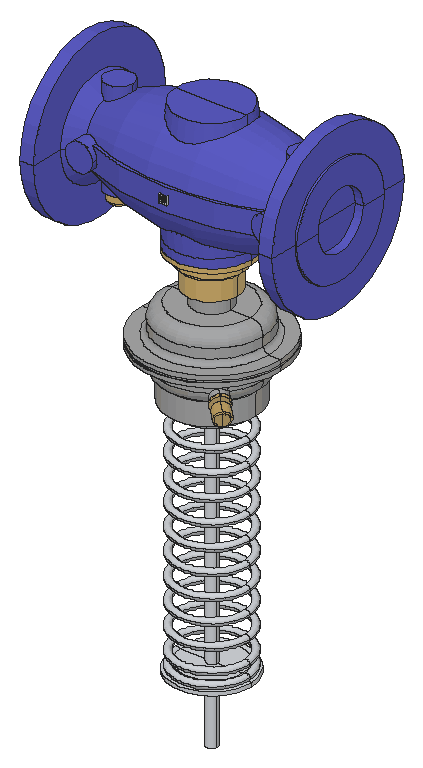
Revit family "Differenzdruckregler F_4007_10-40kPa", category Rohrzubehör, Revit 2020
Family settings
  Bemaßung runder Anschluss = Durchmesser verwenden
  Teiletyp = Unterbricht
  OmniClass-Nummer = 23.65.55.14
  OmniClass-Titel = Valves for Liquid Services
  Arbeitsebenenbasiert = Nein
  Immer vertikal = Ja
  Beim Laden mit Abzugskörper schneiden = Nein
  Gemeinsam genutzt = Nein
Parameters
  Vorgabe-Ansicht = 0 mm
  Min. Betriebstemperatur (Frostschutz) = -10 °C  # constant formula
  Min. Betriebstemperatur = 2 °C  # constant formula
  Max. Betriebsdruck = 1600000.0 Pa  # constant formula
  Max. Betriebstemperatur = 110 °C  # constant formula
  URL = "www.herz-armaturen.at"
  Sollwertfeder = "EN 10270-1-SH"  # constant formula
  SCRNSEQ = "ARM;ARM_TYP=\"DIFR\";2"
  SCRNCODE = "05;03;02"  # constant formula
  S02 [instance] = H03 + H13  # 134 mm
  S01 [instance] = (2 * H02) + (2 * H04) + H05  # 72.7 mm
  R99 = 14 mm  # constant formula
  R98 = 6 mm  # constant formula
  R97 = 2 mm  # constant formula
  R02 = 15.5 mm  # constant formula
  R01 [instance] = size_lookup("4007_F_10-40", "R1", 45.5 mm, Nennweite)  # 55.5 mm
  R00 [instance] = size_lookup("4007_F_10-40", "R", 53 mm, Nennweite)  # 65 mm
  Nennweite [instance] = 65 mm
  Membrane und O-Ringe = "EPDM"  # constant formula
  Medium = "Die Verwendung von Ethylen- und Propylenglykol ist im Mischungsverhältnis 25 - 50 % zulässig. Heizwasserqualität entsprechend ÖNORM H 5195 bzw. VDI-Richtlinie 2035"
  L05 [instance] = L04 - 6.3 mm  # 104.7 mm
  L04 [instance] = size_lookup("4007_F_10-40", "L4", 81 mm, Nennweite)  # 111 mm
  L03 = 10 mm  # constant formula
  L02 [instance] = size_lookup("4007_F_10-40", "L2", 15 mm, Nennweite)  # 15 mm
  L01 = 3 mm  # constant formula
  L00 [instance] = size_lookup("4007_F_10-40", "L", 115 mm, Nennweite)  # 145 mm
  Hersteller = "HERZ Armaturen Ges.m.b.H."  # constant formula
  H19 [instance] = size_lookup("4007_F_10-40", "H19", 9 mm, Nennweite)  # 581 mm
  H18 [instance] = H19 - 75 mm  # 506 mm
  H17 = 6 mm  # constant formula
  H16 = 10 mm  # constant formula
  H15 = 24.5 mm  # constant formula
  H14 = 5 mm  # constant formula
  H13 = 17 mm  # constant formula
  H12 [instance] = R00 + 4 mm  # 69 mm
  H11 [instance] = R00 + 10 mm  # 75 mm
  H10 = 5 mm  # constant formula
  H09 [instance] = size_lookup("4007_F_10-40", "H9", 9 mm, Nennweite)  # 9 mm
  H08 = 21 mm  # constant formula
  H07 [instance] = R00 + 23.4 mm  # 88.4 mm
  H06 [instance] = D12 + 15 mm  # 55.5 mm
  H05 = 2.5 mm  # constant formula
  H04 = 4.6 mm  # constant formula
  H03 [instance] = H08 + H09 + H10 + H11 + H14 + R97  # 117 mm
  H02 [instance] = size_lookup("4007_F_10-40", "H2", 30.5 mm, Nennweite)  # 30.5 mm
  H01 [instance] = size_lookup("4007_F_10-40", "H1", 210 mm, Nennweite)  # 205 mm
  Gehäuse = "Grauguss GJL250 nach EN 1561"  # constant formula
  Differenzdruck Einstellbereich = "10-40 kPa"  # constant formula
  DN80 [instance] = Nennweite = 80 mm  # no
  DN65 [instance] = Nennweite = 65 mm  # yes
  DN100 [instance] = Nennweite = 100 mm  # no
  D17 = 6 mm  # constant formula
  D16 = 45 mm  # constant formula
  D15 = 35 mm  # constant formula
  D14 = 50 mm  # constant formula
  D13 [instance] = D11 + 10 mm  # 50 mm
  D12 [instance] = R01 - 15 mm  # 40.5 mm
  D11 [instance] = size_lookup("4007_F_10-40", "D11", 40 mm, Nennweite)  # 40 mm
  D10 [instance] = D11 + 5 mm  # 45 mm
  D09 [instance] = D11 - 5 mm  # 35 mm
  D08 = 24 mm  # constant formula
  D07 = 29.5 mm  # constant formula
  D06 [instance] = size_lookup("4007_F_10-40", "D6", 51 mm, Nennweite)  # 57.8 mm
  D05 [instance] = D04 - 1 mm  # 77 mm
  D04 [instance] = size_lookup("4007_F_10-40", "D4", 51 mm, Nennweite)  # 78 mm
  D03 = 21 mm  # constant formula
  D02 [instance] = Nennweite / 2  # 32.5 mm
  D01 [instance] = size_lookup("4007_F_10-40", "D1", 51 mm, Nennweite)  # 61 mm
  D00 [instance] = size_lookup("4007_F_10-40", "D", 82.5 mm, Nennweite)  # 92.5 mm
  Bestellnummer [instance] = if(Nennweite = 65 mm, "F400707", if(Nennweite = 80 mm, "F400708", if(Nennweite = 100 mm, "F400709", "0")))  # "F400707"
  Ausführung = "Der Differenzdruckregler ist ein Proportionalregler in Geradsitzausführung und arbeitet ohne Hilfsenergie für Zweirohranlagen. Der gewünschte Differenzdruck- Sollwert kann zwischen 10 und 40 kPa stufenlos eingestellt werden."
  Anwendung = "Für Heizungs- und Kühlanlagen um den Differenzdruck innerhalb des regeltechnischen Bereiches konstant zu halten."
  Anschlussflansch = "EN 1092-2"  # constant formula
Reference planes
  plane 1 "Mitte (Vorne/hinten)": y = 0
  plane 2: z = -0.015
  plane 3 "Mitte (Links/rechts)": x = 0
Forms (mm)
  Revolve 1, solid, material "Herz-Marineblau", detail levels fine
    sketch origin (1065, 0, 0) x (1, 0, 0) y (0, 1, 0)
      loop
        line (-1207, 92.5) -> (-1207, 61) -> (-1210, 61) -> (-1210, 32.5) -> (-1200, 32.5) -> (-1200, 0) -> (-930, 0) -> (-930, 32.5) -> (-920, 32.5) -> (-920, 61) -> (-923, 61) -> (-923, 92.5) -> (-938, 92.5) -> (-938, 55.5) -> (-954, 40.5)
        arc (-954, 40.5) -> (-1065, 65) -> (-1176, 40.5) r 263.699
        line (-1176, 40.5) -> (-1192, 55.5) -> (-1192, 92.5) -> (-1207, 92.5)
      axis (-1210, 0) -> (-920, 0)
    angle from 0 to 360
  Extrusion 2, solid, material "Herz-Marineblau", detail levels fine
    sketch origin (0, 0, 0) x (1, 0, 0) y (0, 1, 0)
      loop
        circle (-104.7, 0) r 15.5
      loop
        circle (104.7, 0) r 15.5
    from -55.515 to 55.485
  Extrusion 3, solid, material "Herz-Marineblau", detail levels fine
    sketch origin (0, 0, 0) x (-1, 0, 0) y (0, 0, -1)
      loop
        circle (104.7, 0) r 15.5
      loop
        circle (-104.7, 0) r 15.5
    from -55.5 to 55.5
  Revolve 4, solid, material "Herz-Marineblau", detail levels fine
    sketch origin (92.737, 0, -45.97) x (1, 0, 0) y (0, 0, 1)
      loop
        line (-92.737, 114.955) -> (-92.737, -29.045) -> (-47.737, -29.045) -> (-47.737, -19.045) -> (-42.737, 45.97) -> (-52.737, 114.955) -> (-92.737, 114.955)
      axis (-92.737, 114.955) -> (-92.737, -29.045)
    angle from 0 to 360
  Revolve 5, solid, material "Messing", detail levels fine
    sketch origin (446.725, 0, 35.707) x (1, 0, 0) y (0, 0, 1)
      loop
        line (-446.725, -110.722) -> (-446.725, -152.722) -> (-417.225, -152.722) -> (-417.225, -131.722) -> (-422.725, -131.722) -> (-422.725, -126.722) -> (-411.725, -126.722) -> (-411.725, -117.722)
        arc (-411.725, -117.722) -> (-411.14, -116.308) -> (-409.725, -115.722) r 2
        line (-409.725, -115.722) -> (-401.725, -115.722) -> (-401.725, -110.722) -> (-446.725, -110.722)
      axis (-446.725, -152.722) -> (-446.725, -110.722)
    angle from 0 to 360
  Revolve 6, solid, material "Aluminium", detail levels fine
    sketch origin (925.114, 0, 19.41) x (1, 0, 0) y (0, 0, 1)
      loop
        line (-925.114, -136.425) -> (-925.114, -250.625) -> (-875.114, -250.625) -> (-875.114, -226.125) -> (-881.314, -226.125)
        arc (-881.314, -226.125) -> (-871.414, -222.025) -> (-867.314, -212.125) r 14
        line (-867.314, -212.125) -> (-867.314, -201.625)
        arc (-867.314, -201.625) -> (-865.556, -197.383) -> (-861.314, -195.625) r 6
        line (-861.314, -195.625) -> (-847.114, -195.625) -> (-847.114, -191.025) -> (-848.114, -191.025) -> (-848.114, -188.525) -> (-847.114, -188.525) -> (-847.114, -183.925) -> (-861.314, -183.925)
        arc (-861.314, -183.925) -> (-865.556, -182.168) -> (-867.314, -177.925) r 6
        line (-867.314, -177.925) -> (-867.314, -167.425)
        arc (-867.314, -167.425) -> (-871.414, -157.526) -> (-881.314, -153.425) r 14
        line (-881.314, -153.425) -> (-904.114, -153.425) -> (-904.114, -136.425) -> (-925.114, -136.425)
      axis (-925.114, -136.425) -> (-925.114, -250.625)
    angle from 0 to 360
  Extrusion 7, solid, material "Herz-Marineblau", visible <- "DN65", detail levels fine
    sketch origin (0, 0, 0) x (1, 0, 0) y (0, 1, 0)
      loop
        arc (-104.7, -46.589) -> (0, -68) -> (104.7, -46.589) r 266.699
        line (104.7, -46.589) -> (104.7, 46.589)
        arc (104.7, 46.589) -> (0, 68) -> (-104.7, 46.589) r 266.699
        line (-104.7, 46.589) -> (-104.7, -46.589)
    from -12.5 to 12.5
  Extrusion 8, solid, material "Herz-Marineblau", visible <- "DN80", detail levels fine
    sketch origin (0, 0, 0) x (1, 0, 0) y (0, 1, 0)
      loop
        arc (-114.7, -54.973) -> (0, -74) -> (114.7, -54.973) r 355.238
        line (114.7, -54.973) -> (114.7, 54.973)
        arc (114.7, 54.973) -> (0, 74) -> (-114.7, 54.973) r 355.238
        line (-114.7, 54.973) -> (-114.7, -54.973)
    from -12.5 to 12.5
  Extrusion 9, solid, material "Herz-Marineblau", visible <- "DN100", detail levels fine
    sketch origin (0, 0, 0) x (1, 0, 0) y (0, 1, 0)
      loop
        arc (-134.7, -65.632) -> (0, -85) -> (134.7, -65.632) r 478.099
        line (134.7, -65.632) -> (134.7, 65.632)
        arc (134.7, 65.632) -> (0, 85) -> (-134.7, 65.632) r 478.099
        line (-134.7, 65.632) -> (-134.7, -65.632)
    from -12.5 to 12.5
  Revolve 10, solid, detail levels fine
    sketch origin (0, 0, 0) x (1, 0, 0) y (0, 0, 1)
      loop
        line (0, -506.015) -> (45, -506.015) -> (45, -502.015) -> (35, -502.015) -> (35, -496.015) -> (0, -496.015) -> (0, -506.015)
      axis (0, -496.015) -> (0, -506.015)
    angle from 0 to 360
  Revolve 11, solid, detail levels fine
    sketch origin (0, 0, 0) x (1, 0, 0) y (0, 0, 1)
      loop
        line (0, -219.215) -> (0, -581.015) -> (6, -581.015) -> (6, -219.215) -> (0, -219.215)
      axis (0, -219.215) -> (0, -581.015)
    angle from 0 to 360
  Sweep 12, solid, visible <- "DN65", detail levels fine
    path in 3D
      loop
        arc (-39, 0, -234.715) -> (0, -39, -234.715) -> (39, 0, -234.715) r 39
        arc (39, 0, -234.715) -> (0, 39, -234.715) -> (-39, 0, -234.715) r 39
    profile origin (0, 39, -234.715) x (0, -1, 0) y (0, 0, 1)
      loop
        circle (0, 0) r 3.5
  Sweep 13, solid, visible <- "DN65", detail levels fine
    path in 3D
      loop
        arc (-39, 0, -259.715) -> (0, -39, -259.715) -> (39, 0, -259.715) r 39
        arc (39, 0, -259.715) -> (0, 39, -259.715) -> (-39, 0, -259.715) r 39
    profile origin (0, 39, -259.715) x (0, -1, 0) y (0, 0, 1)
      loop
        circle (0, 0) r 3.5
  Sweep 14, solid, visible <- "DN65", detail levels fine
    path in 3D
      loop
        arc (-39, 0, -284.715) -> (0, -39, -284.715) -> (39, 0, -284.715) r 39
        arc (39, 0, -284.715) -> (0, 39, -284.715) -> (-39, 0, -284.715) r 39
    profile origin (0, 39, -284.715) x (0, -1, 0) y (0, 0, 1)
      loop
        circle (0, 0) r 3.5
  Sweep 15, solid, visible <- "DN65", detail levels fine
    path in 3D
      loop
        arc (-39, 0, -309.715) -> (0, -39, -309.715) -> (39, 0, -309.715) r 39
        arc (39, 0, -309.715) -> (0, 39, -309.715) -> (-39, 0, -309.715) r 39
    profile origin (0, 39, -309.715) x (0, -1, 0) y (0, 0, 1)
      loop
        circle (0, 0) r 3.5
  Sweep 16, solid, visible <- "DN65", detail levels fine
    path in 3D
      loop
        arc (-39, 0, -334.715) -> (0, -39, -334.715) -> (39, 0, -334.715) r 39
        arc (39, 0, -334.715) -> (0, 39, -334.715) -> (-39, 0, -334.715) r 39
    profile origin (0, 39, -334.715) x (0, -1, 0) y (0, 0, 1)
      loop
        circle (0, 0) r 3.5
  Sweep 17, solid, visible <- "DN65", detail levels fine
    path in 3D
      loop
        arc (-39, 0, -359.715) -> (0, -39, -359.715) -> (39, 0, -359.715) r 39
        arc (39, 0, -359.715) -> (0, 39, -359.715) -> (-39, 0, -359.715) r 39
    profile origin (0, 39, -359.715) x (0, -1, 0) y (0, 0, 1)
      loop
        circle (0, 0) r 3.5
  Sweep 18, solid, visible <- "DN65", detail levels fine
    path in 3D
      loop
        arc (-39, 0, -384.715) -> (0, -39, -384.715) -> (39, 0, -384.715) r 39
        arc (39, 0, -384.715) -> (0, 39, -384.715) -> (-39, 0, -384.715) r 39
    profile origin (0, 39, -384.715) x (0, -1, 0) y (0, 0, 1)
      loop
        circle (0, 0) r 3.5
  Sweep 19, solid, visible <- "DN65", detail levels fine
    path in 3D
      loop
        arc (-39, 0, -409.715) -> (0, -39, -409.715) -> (39, 0, -409.715) r 39
        arc (39, 0, -409.715) -> (0, 39, -409.715) -> (-39, 0, -409.715) r 39
    profile origin (0, 39, -409.715) x (0, -1, 0) y (0, 0, 1)
      loop
        circle (0, 0) r 3.5
  Sweep 20, solid, visible <- "DN65", detail levels fine
    path in 3D
      loop
        arc (-39, 0, -434.715) -> (0, -39, -434.715) -> (39, 0, -434.715) r 39
        arc (39, 0, -434.715) -> (0, 39, -434.715) -> (-39, 0, -434.715) r 39
    profile origin (0, 39, -434.715) x (0, -1, 0) y (0, 0, 1)
      loop
        circle (0, 0) r 3.5
  Sweep 21, solid, visible <- "DN65", detail levels fine
    path in 3D
      loop
        arc (-39, 0, -459.715) -> (0, -39, -459.715) -> (39, 0, -459.715) r 39
        arc (39, 0, -459.715) -> (0, 39, -459.715) -> (-39, 0, -459.715) r 39
    profile origin (0, 39, -459.715) x (0, -1, 0) y (0, 0, 1)
      loop
        circle (0, 0) r 3.5
  Sweep 22, solid, visible <- "DN65", detail levels fine
    path in 3D
      loop
        arc (-39, 0, -484.715) -> (0, -39, -484.715) -> (39, 0, -484.715) r 39
        arc (39, 0, -484.715) -> (0, 39, -484.715) -> (-39, 0, -484.715) r 39
    profile origin (0, 39, -484.715) x (0, -1, 0) y (0, 0, 1)
      loop
        circle (0, 0) r 3.5
  Sweep 23, solid, visible <- "DN65", detail levels fine
    path in 3D
      loop
        arc (-39, 0, -498.715) -> (0, -39, -498.715) -> (39, 0, -498.715) r 39
        arc (39, 0, -498.715) -> (0, 39, -498.715) -> (-39, 0, -498.715) r 39
    profile origin (0, 39, -498.715) x (0, -1, 0) y (0, 0, 1)
      loop
        circle (0, 0) r 3.5
  Sweep 24, solid, visible <- "DN80", detail levels fine
    path in 3D
      loop
        arc (-39, 0, -241.715) -> (0, -39, -241.715) -> (39, 0, -241.715) r 39
        arc (39, 0, -241.715) -> (0, 39, -241.715) -> (-39, 0, -241.715) r 39
    profile origin (0, 39, -241.715) x (0, -1, 0) y (0, 0, 1)
      loop
        circle (0, 0) r 3.5
  Sweep 25, solid, visible <- "DN80", detail levels fine
    path in 3D
      loop
        arc (-39, 0, -266.715) -> (0, -39, -266.715) -> (39, 0, -266.715) r 39
        arc (39, 0, -266.715) -> (0, 39, -266.715) -> (-39, 0, -266.715) r 39
    profile origin (0, 39, -266.715) x (0, -1, 0) y (0, 0, 1)
      loop
        circle (0, 0) r 3.5
  Sweep 26, solid, visible <- "DN80", detail levels fine
    path in 3D
      loop
        arc (-39, 0, -291.715) -> (0, -39, -291.715) -> (39, 0, -291.715) r 39
        arc (39, 0, -291.715) -> (0, 39, -291.715) -> (-39, 0, -291.715) r 39
    profile origin (0, 39, -291.715) x (0, -1, 0) y (0, 0, 1)
      loop
        circle (0, 0) r 3.5
  Sweep 27, solid, visible <- "DN80", detail levels fine
    path in 3D
      loop
        arc (-39, 0, -316.715) -> (0, -39, -316.715) -> (39, 0, -316.715) r 39
        arc (39, 0, -316.715) -> (0, 39, -316.715) -> (-39, 0, -316.715) r 39
    profile origin (0, 39, -316.715) x (0, -1, 0) y (0, 0, 1)
      loop
        circle (0, 0) r 3.5
  Sweep 28, solid, visible <- "DN80", detail levels fine
    path in 3D
      loop
        arc (-39, 0, -341.715) -> (0, -39, -341.715) -> (39, 0, -341.715) r 39
        arc (39, 0, -341.715) -> (0, 39, -341.715) -> (-39, 0, -341.715) r 39
    profile origin (0, 39, -341.715) x (0, -1, 0) y (0, 0, 1)
      loop
        circle (0, 0) r 3.5
  Sweep 29, solid, visible <- "DN80", detail levels fine
    path in 3D
      loop
        arc (-39, 0, -366.715) -> (0, -39, -366.715) -> (39, 0, -366.715) r 39
        arc (39, 0, -366.715) -> (0, 39, -366.715) -> (-39, 0, -366.715) r 39
    profile origin (0, 39, -366.715) x (0, -1, 0) y (0, 0, 1)
      loop
        circle (0, 0) r 3.5
  Sweep 30, solid, visible <- "DN80", detail levels fine
    path in 3D
      loop
        arc (-39, 0, -391.715) -> (0, -39, -391.715) -> (39, 0, -391.715) r 39
        arc (39, 0, -391.715) -> (0, 39, -391.715) -> (-39, 0, -391.715) r 39
    profile origin (0, 39, -391.715) x (0, -1, 0) y (0, 0, 1)
      loop
        circle (0, 0) r 3.5
  Sweep 31, solid, visible <- "DN80", detail levels fine
    path in 3D
      loop
        arc (-39, 0, -416.715) -> (0, -39, -416.715) -> (39, 0, -416.715) r 39
        arc (39, 0, -416.715) -> (0, 39, -416.715) -> (-39, 0, -416.715) r 39
    profile origin (0, 39, -416.715) x (0, -1, 0) y (0, 0, 1)
      loop
        circle (0, 0) r 3.5
  Sweep 32, solid, visible <- "DN80", detail levels fine
    path in 3D
      loop
        arc (-39, 0, -441.715) -> (0, -39, -441.715) -> (39, 0, -441.715) r 39
        arc (39, 0, -441.715) -> (0, 39, -441.715) -> (-39, 0, -441.715) r 39
    profile origin (0, 39, -441.715) x (0, -1, 0) y (0, 0, 1)
      loop
        circle (0, 0) r 3.5
  Sweep 33, solid, visible <- "DN80", detail levels fine
    path in 3D
      loop
        arc (-39, 0, -466.715) -> (0, -39, -466.715) -> (39, 0, -466.715) r 39
        arc (39, 0, -466.715) -> (0, 39, -466.715) -> (-39, 0, -466.715) r 39
    profile origin (0, 39, -466.715) x (0, -1, 0) y (0, 0, 1)
      loop
        circle (0, 0) r 3.5
  Sweep 34, solid, visible <- "DN80", detail levels fine
    path in 3D
      loop
        arc (-39, 0, -491.715) -> (0, -39, -491.715) -> (39, 0, -491.715) r 39
        arc (39, 0, -491.715) -> (0, 39, -491.715) -> (-39, 0, -491.715) r 39
    profile origin (0, 39, -491.715) x (0, -1, 0) y (0, 0, 1)
      loop
        circle (0, 0) r 3.5
  Sweep 35, solid, visible <- "DN80", detail levels coarse+medium
    path in 3D
      loop
        arc (-39, 0, -520.215) -> (0, -39, -520.215) -> (39, 0, -520.215) r 39
        arc (39, 0, -520.215) -> (0, 39, -520.215) -> (-39, 0, -520.215) r 39
    profile origin (0, 39, -520.215) x (0, -1, 0) y (0, 0, 1)
      loop
        circle (0, 0) r 3.5
  Sweep 36, solid, visible <- "DN100", detail levels fine
    path in 3D
      loop
        arc (-39, 0, -251.715) -> (0, -39, -251.715) -> (39, 0, -251.715) r 39
        arc (39, 0, -251.715) -> (0, 39, -251.715) -> (-39, 0, -251.715) r 39
    profile origin (0, 39, -251.715) x (0, -1, 0) y (0, 0, 1)
      loop
        circle (0, 0) r 3.5
  Sweep 37, solid, visible <- "DN100", detail levels fine
    path in 3D
      loop
        arc (-39, 0, -276.715) -> (0, -39, -276.715) -> (39, 0, -276.715) r 39
        arc (39, 0, -276.715) -> (0, 39, -276.715) -> (-39, 0, -276.715) r 39
    profile origin (0, 39, -276.715) x (0, -1, 0) y (0, 0, 1)
      loop
        circle (0, 0) r 3.5
  Sweep 38, solid, visible <- "DN100", detail levels fine
    path in 3D
      loop
        arc (-39, 0, -301.715) -> (0, -39, -301.715) -> (39, 0, -301.715) r 39
        arc (39, 0, -301.715) -> (0, 39, -301.715) -> (-39, 0, -301.715) r 39
    profile origin (0, 39, -301.715) x (0, -1, 0) y (0, 0, 1)
      loop
        circle (0, 0) r 3.5
  Sweep 39, solid, visible <- "DN100", detail levels fine
    path in 3D
      loop
        arc (-39, 0, -326.715) -> (0, -39, -326.715) -> (39, 0, -326.715) r 39
        arc (39, 0, -326.715) -> (0, 39, -326.715) -> (-39, 0, -326.715) r 39
    profile origin (0, 39, -326.715) x (0, -1, 0) y (0, 0, 1)
      loop
        circle (0, 0) r 3.5
  Sweep 40, solid, visible <- "DN100", detail levels fine
    path in 3D
      loop
        arc (-39, 0, -351.715) -> (0, -39, -351.715) -> (39, 0, -351.715) r 39
        arc (39, 0, -351.715) -> (0, 39, -351.715) -> (-39, 0, -351.715) r 39
    profile origin (0, 39, -351.715) x (0, -1, 0) y (0, 0, 1)
      loop
        circle (0, 0) r 3.5
  Sweep 41, solid, visible <- "DN100", detail levels fine
    path in 3D
      loop
        arc (-39, 0, -376.715) -> (0, -39, -376.715) -> (39, 0, -376.715) r 39
        arc (39, 0, -376.715) -> (0, 39, -376.715) -> (-39, 0, -376.715) r 39
    profile origin (0, 39, -376.715) x (0, -1, 0) y (0, 0, 1)
      loop
        circle (0, 0) r 3.5
  Sweep 42, solid, visible <- "DN100", detail levels fine
    path in 3D
      loop
        arc (-39, 0, -401.715) -> (0, -39, -401.715) -> (39, 0, -401.715) r 39
        arc (39, 0, -401.715) -> (0, 39, -401.715) -> (-39, 0, -401.715) r 39
    profile origin (0, 39, -401.715) x (0, -1, 0) y (0, 0, 1)
      loop
        circle (0, 0) r 3.5
  Sweep 43, solid, visible <- "DN100", detail levels fine
    path in 3D
      loop
        arc (-39, 0, -426.715) -> (0, -39, -426.715) -> (39, 0, -426.715) r 39
        arc (39, 0, -426.715) -> (0, 39, -426.715) -> (-39, 0, -426.715) r 39
    profile origin (0, 39, -426.715) x (0, -1, 0) y (0, 0, 1)
      loop
        circle (0, 0) r 3.5
  Sweep 44, solid, visible <- "DN100", detail levels fine
    path in 3D
      loop
        arc (-39, 0, -451.715) -> (0, -39, -451.715) -> (39, 0, -451.715) r 39
        arc (39, 0, -451.715) -> (0, 39, -451.715) -> (-39, 0, -451.715) r 39
    profile origin (0, 39, -451.715) x (0, -1, 0) y (0, 0, 1)
      loop
        circle (0, 0) r 3.5
  Sweep 45, solid, visible <- "DN100", detail levels fine
    path in 3D
      loop
        arc (-39, 0, -476.715) -> (0, -39, -476.715) -> (39, 0, -476.715) r 39
        arc (39, 0, -476.715) -> (0, 39, -476.715) -> (-39, 0, -476.715) r 39
    profile origin (0, 39, -476.715) x (0, -1, 0) y (0, 0, 1)
      loop
        circle (0, 0) r 3.5
  Sweep 46, solid, visible <- "DN100", detail levels fine
    path in 3D
      loop
        arc (-39, 0, -501.715) -> (0, -39, -501.715) -> (39, 0, -501.715) r 39
        arc (39, 0, -501.715) -> (0, 39, -501.715) -> (-39, 0, -501.715) r 39
    profile origin (0, 39, -501.715) x (0, -1, 0) y (0, 0, 1)
      loop
        circle (0, 0) r 3.5
  Sweep 47, solid, visible <- "DN100", detail levels fine
    path in 3D
      loop
        arc (-39, 0, -520.215) -> (0, -39, -520.215) -> (39, 0, -520.215) r 39
        arc (39, 0, -520.215) -> (0, 39, -520.215) -> (-39, 0, -520.215) r 39
    profile origin (0, 39, -520.215) x (0, -1, 0) y (0, 0, 1)
      loop
        circle (0, 0) r 3.5
  Sweep 48, solid, visible <- "DN80", detail levels fine
    path in 3D
      loop
        arc (-39, 0, -517.715) -> (0, -39, -517.715) -> (39, 0, -517.715) r 39
        arc (39, 0, -517.715) -> (0, 39, -517.715) -> (-39, 0, -517.715) r 39
    profile origin (0, 39, -517.715) x (0, -1, 0) y (0, 0, 1)
      loop
        circle (0, 0) r 3.5
  Revolve 49, solid, material "Messing, weicher Gelbton, geschweißt", visible <- "DN65", detail levels fine
    sketch origin (-4.911, 4.911, 5.574) x (0.707107, -0.707107, 0) y (0, 0, 1)
      loop
        line (70.524, -205.006) -> (94, -209.996) -> (95.511, -202.887) -> (94.817, -201.293) -> (81.133, -198.384) -> (80.534, -201.204) -> (75.643, -200.164) -> (76.516, -196.056) -> (72.604, -195.224) -> (70.524, -205.006)
      axis (94, -209.996) -> (70.524, -205.006)
    angle from 0 to 360
  Revolve 50, solid, material "Aluminium", visible <- "DN65", detail levels fine
    sketch origin (31.152, -31.152, -5.266) x (0.707107, -0.707107, 0) y (0, 0, 1)
      loop
        line (19.524, -194.165) -> (21.5, -184.873) -> (-42.08, -171.359) -> (-44.055, -180.651) -> (19.524, -194.165)
      axis (-44.055, -180.651) -> (19.524, -194.165)
    angle from 0 to 360
  Revolve 51, solid, material "Messing, weicher Gelbton, geschweißt", visible <- "DN80", detail levels fine
    sketch origin (4.911, 4.911, -1.426) x (-0.707107, -0.707107, 0) y (0, 0, -1)
      loop
        line (70.524, 205.006) -> (72.604, 195.224) -> (76.516, 196.056) -> (75.643, 200.164) -> (80.534, 201.204) -> (81.133, 198.384) -> (94.817, 201.293) -> (95.511, 202.887) -> (94, 209.996) -> (70.524, 205.006)
      axis (94, 209.996) -> (70.524, 205.006)
    angle from 0 to 360
  Revolve 52, solid, material "Aluminium", visible <- "DN80", detail levels fine
    sketch origin (-31.152, -31.152, -12.266) x (-0.707107, -0.707107, 0) y (0, 0, -1)
      loop
        line (19.524, 194.165) -> (-44.055, 180.651) -> (-42.08, 171.359) -> (21.5, 184.873) -> (19.524, 194.165)
      axis (-44.055, 180.651) -> (19.524, 194.165)
    angle from 0 to 360
  Revolve 53, solid, material "Messing, weicher Gelbton, geschweißt", visible <- "DN100", detail levels fine
    sketch origin (4.911, 4.911, -11.426) x (-0.707107, -0.707107, 0) y (0, 0, -1)
      loop
        line (70.524, 205.006) -> (72.604, 195.224) -> (76.516, 196.056) -> (75.643, 200.164) -> (80.534, 201.204) -> (81.133, 198.384) -> (94.817, 201.293) -> (95.511, 202.887) -> (94, 209.996) -> (70.524, 205.006)
      axis (94, 209.996) -> (70.524, 205.006)
    angle from 0 to 360
  Revolve 54, solid, material "Aluminium", visible <- "DN100", detail levels fine
    sketch origin (-31.152, -31.152, -22.266) x (-0.707107, -0.707107, 0) y (0, 0, -1)
      loop
        line (19.524, 194.165) -> (-44.055, 180.651) -> (-42.08, 171.359) -> (21.5, 184.873) -> (19.524, 194.165)
      axis (-44.055, 180.651) -> (19.524, 194.165)
    angle from 0 to 360
  Revolve 55, solid, material "Messing, weicher Gelbton, geschweißt", detail levels fine
    sketch origin (0, 0, 0) x (1, 0, 0) y (0, 0, 1)
      loop
        line (-104.7, -55.515) -> (-116.7, -55.515) -> (-116.7, -64.515) -> (-113.7, -64.515) -> (-113.7, -68.015) -> (-104.7, -68.015) -> (-104.7, -55.515)
      axis (-104.7, -68.015) -> (-104.7, -55.515)
    angle from 0 to 360
  Revolve 56, solid, material "Messing, weicher Gelbton, geschweißt", detail levels fine
    sketch origin (0, 0, 0) x (-1, 0, 0) y (0, 0, 1)
      loop
        line (-104.7, -55.515) -> (-116.7, -55.515) -> (-116.7, -64.515) -> (-113.7, -64.515) -> (-113.7, -68.015) -> (-104.7, -68.015) -> (-104.7, -55.515)
      axis (-104.7, -68.015) -> (-104.7, -55.515)
    angle from 0 to 360
Lines and regions (mm)
  model lines, detail levels coarse+medium
    curve 1: line (-145, 0, -92.515) -> (-145, 0, 92.485)
    curve 2: line (-145, 0, 92.485) -> (145, 0, -92.515)
    curve 3: line (145, 0, -92.515) -> (145, 0, 92.485)
    curve 4: line (145, 0, 92.485) -> (-145, 0, -92.515)
    curve 5: line (-72.5, 0, -46.265) -> (0, 0, -92.515)
    curve 6: line (0, 0, -92.515) -> (72.5, 0, -46.265)
    curve 7: spline (-78, 0, -170.365) -> (-75.342, 0, -160.957) -> (-67.55, 0, -152.19) -> (-55.154, 0, -144.662) -> (-39, 0, -138.885) -> (-20.188, 0, -135.254) -> (0, 0, -134.015) -> (20.188, 0, -135.254) -> (39, 0, -138.885) -> (55.154, 0, -144.662) -> (67.55, 0, -152.19) -> (75.342, 0, -160.957) -> (78, 0, -170.365) -> (75.342, 0, -179.773) -> (67.55, 0, -188.54) -> (55.154, 0, -196.069) -> (39, 0, -201.845) -> (20.188, 0, -205.477) -> (0, 0, -206.715) -> (-20.188, 0, -205.477) -> (-39, 0, -201.845) -> (-55.154, 0, -196.069) -> (-67.55, 0, -188.54) -> (-75.342, 0, -179.773) -> (-78, 0, -170.365)
    curve 8: line (0, 0, -92.515) -> (0, 0, -134.015)
    curve 9: line (-145, 92.5, 0) -> (-145, -92.5, 0)
    curve 10: line (-145, -92.5, 0) -> (145, 92.5, 0)
    curve 11: line (145, 92.5, 0) -> (145, -92.5, 0)
    curve 12: line (145, -92.5, 0) -> (-145, 92.5, 0)
    curve 13: line (-72.5, -46.25, 0) -> (0, -92.5, 0)
    curve 14: line (0, -92.5, 0) -> (72.5, -46.25, 0)
    curve 15: line (0, -92.5, 0) -> (0, -134, 0)
    curve 16: spline (-78, -170.35, 0) -> (-75.342, -160.942, 0) -> (-67.55, -152.175, 0) -> (-55.154, -144.647, 0) -> (-39, -138.87, 0) -> (-20.188, -135.239, 0) -> (0, -134, 0) -> (20.188, -135.239, 0) -> (39, -138.87, 0) -> (55.154, -144.647, 0) -> (67.55, -152.175, 0) -> (75.342, -160.942, 0) -> (78, -170.35, 0) -> (75.342, -179.758, 0) -> (67.55, -188.525, 0) -> (55.154, -196.053, 0) -> (39, -201.83, 0) -> (20.188, -205.461, 0) -> (0, -206.7, 0) -> (-20.188, -205.461, 0) -> (-39, -201.83, 0) -> (-55.154, -196.053, 0) -> (-67.55, -188.525, 0) -> (-75.342, -179.758, 0) -> (-78, -170.35, 0)
  sketch lines
    curve 17: circle (0, 0, -234.715) r 39 normal (0, 0, 1)
    curve 18: circle (0, 0, -259.715) r 39 normal (0, 0, 1)
    curve 19: circle (0, 0, -284.715) r 39 normal (0, 0, 1)
    curve 20: circle (0, 0, -309.715) r 39 normal (0, 0, 1)
    curve 21: circle (0, 0, -334.715) r 39 normal (0, 0, 1)
    curve 22: circle (0, 0, -359.715) r 39 normal (0, 0, 1)
    curve 23: circle (0, 0, -384.715) r 39 normal (0, 0, 1)
    curve 24: circle (0, 0, -409.715) r 39 normal (0, 0, 1)
    curve 25: circle (0, 0, -434.715) r 39 normal (0, 0, 1)
    curve 26: circle (0, 0, -459.715) r 39 normal (0, 0, 1)
    curve 27: circle (0, 0, -484.715) r 39 normal (0, 0, 1)
    curve 29: circle (0, 0, -498.715) r 39 normal (0, 0, 1)
    curve 30: circle (0, 0, -241.715) r 39 normal (0, 0, 1)
    curve 31: circle (0, 0, -266.715) r 39 normal (0, 0, 1)
    curve 32: circle (0, 0, -291.715) r 39 normal (0, 0, 1)
    curve 33: circle (0, 0, -316.715) r 39 normal (0, 0, 1)
    curve 34: circle (0, 0, -341.715) r 39 normal (0, 0, 1)
    curve 35: circle (0, 0, -366.715) r 39 normal (0, 0, 1)
    curve 36: circle (0, 0, -391.715) r 39 normal (0, 0, 1)
    curve 37: circle (0, 0, -416.715) r 39 normal (0, 0, 1)
    curve 38: circle (0, 0, -441.715) r 39 normal (0, 0, 1)
    curve 39: circle (0, 0, -466.715) r 39 normal (0, 0, 1)
    curve 40: circle (0, 0, -491.715) r 39 normal (0, 0, 1)
    curve 41: circle (0, 0, -520.215) r 39 normal (0, 0, 1)
    curve 43: circle (0, 0, -251.715) r 39 normal (0, 0, 1)
    curve 44: circle (0, 0, -276.715) r 39 normal (0, 0, 1)
    curve 45: circle (0, 0, -301.715) r 39 normal (0, 0, 1)
    curve 46: circle (0, 0, -326.715) r 39 normal (0, 0, 1)
    curve 47: circle (0, 0, -351.715) r 39 normal (0, 0, 1)
    curve 48: circle (0, 0, -376.715) r 39 normal (0, 0, 1)
    curve 49: circle (0, 0, -401.715) r 39 normal (0, 0, 1)
    curve 50: circle (0, 0, -426.715) r 39 normal (0, 0, 1)
    curve 51: circle (0, 0, -451.715) r 39 normal (0, 0, 1)
    curve 52: circle (0, 0, -476.715) r 39 normal (0, 0, 1)
    curve 53: circle (0, 0, -501.715) r 39 normal (0, 0, 1)
    curve 54: circle (0, 0, -520.215) r 39 normal (0, 0, 1)
    curve 56: circle (0, 0, -517.715) r 39 normal (0, 0, 1)
  model lines, visible <- "DN65", detail levels coarse+medium
    curve 28: line (-39, 0, -231.215) -> (39, 0, -231.215)
  model lines, visible <- "DN80", detail levels fine
    curve 42: line (-39, 0, -238.215) -> (39, 0, -238.215)
  model lines, visible <- "DN100", detail levels fine
    curve 55: line (-39, 0, -248.215) -> (39, 0, -248.215)
Dimensions and locks
  "H06": Extrusion 3 to plane 1 "Mitte (Vorne/hinten)" to Extrusion 3  (x2)
  "L02": Revolve 1 sketch curve to Revolve 1 sketch curve  (x2)
  "L01": Revolve 1 sketch curve to Revolve 1 sketch curve  (x2)
  "L00": Revolve 1 sketch curve to plane 3 "Mitte (Links/rechts)" to Revolve 1 sketch curve
  "L03": Revolve 1 sketch curve to Revolve 1 sketch curve  (x2)
  "D02": plane 1 "Mitte (Vorne/hinten)" to Revolve 1 sketch curve  (x2)
  "L04": plane 3 "Mitte (Links/rechts)" to Revolve 1 sketch curve
  "R01": plane 1 "Mitte (Vorne/hinten)" to Revolve 1 sketch curve
  "D01": plane 1 "Mitte (Vorne/hinten)" to Revolve 1 sketch curve  (x2)
  "D00": plane 1 "Mitte (Vorne/hinten)" to Revolve 1 sketch curve  (x2)
  "H06": Extrusion 2 to plane 2 to Extrusion 2  (x2)
  "L04": Revolve 1 sketch curve to plane 3 "Mitte (Links/rechts)"
  "R00": Revolve 1 sketch curve to Revolve 1 sketch curve
  "R01": Revolve 1 sketch curve to Revolve 1 sketch curve
  "D05": Revolve 6 sketch curve to Revolve 6 sketch curve
  "D04": Revolve 6 sketch curve to Revolve 6 sketch curve  (x2)
  "H04": Revolve 6 sketch curve to Revolve 6 sketch curve  (x2)
  "H05": Revolve 6 sketch curve to Revolve 6 sketch curve
  "H02": Revolve 6 sketch curve to Revolve 6 sketch curve  (x2)
  "H03": plane 2 to Revolve 6 sketch curve
  "D06": Revolve 6 sketch curve to Revolve 6 sketch curve
  "D03": Revolve 6 sketch curve to Revolve 6 sketch curve
  "D07": Revolve 5 sketch curve to Revolve 5 sketch curve
  "D08": Revolve 5 sketch curve to Revolve 5 sketch curve
  "H08": Revolve 5 sketch curve to Revolve 5 sketch curve
  "D09": Revolve 5 sketch curve to Revolve 5 sketch curve
  "D10": Revolve 5 sketch curve to Revolve 5 sketch curve
  "H10": Revolve 5 sketch curve to Revolve 5 sketch curve
  "H11": plane 2 to Revolve 4 sketch curve
  "H11": plane 2 to Revolve 5 sketch curve
  "D10": Revolve 4 sketch curve to Revolve 4 sketch curve
  "H12": Revolve 4 sketch curve to plane 2
  "L05": Extrusion 2 sketch curve to plane 3 "Mitte (Links/rechts)"
  "L05": plane 3 "Mitte (Links/rechts)" to Extrusion 2 sketch curve
  "L05": plane 3 "Mitte (Links/rechts)" to Extrusion 3 sketch curve
  "L05": Extrusion 3 sketch curve to plane 3 "Mitte (Links/rechts)"
  "D12": Revolve 1 sketch curve to Revolve 1 sketch curve  (x2)
  "D06": plane 3 "Mitte (Links/rechts)" to Revolve 6 sketch curve
  "R00": plane 2 to Revolve 4 sketch curve
  "D11": Revolve 4 sketch curve to Revolve 4 sketch curve
  "D13": Revolve 4 sketch curve to Revolve 4 sketch curve
  "H13": Revolve 6 sketch curve to Revolve 6 sketch curve
  "H14": Revolve 5 sketch curve to Revolve 5 sketch curve
  "H09": Revolve 5 sketch curve to Revolve 5 sketch curve
  "H03": plane 2 to Revolve 5 sketch curve
  "D14": Revolve 6 sketch curve to plane 3 "Mitte (Links/rechts)"
  "H15": Revolve 6 sketch curve to Revolve 6 sketch curve
  "H16": Revolve 10 sketch curve to Revolve 10 sketch curve
  "D15": Revolve 10 sketch curve to Revolve 10 sketch curve
  "D16": Revolve 10 sketch curve to Revolve 10 sketch curve
  "H17": Revolve 10 sketch curve to Revolve 10 sketch curve
  "D17": Revolve 11 sketch curve to Revolve 11 sketch curve
  "L00": curve 3 to plane 3 "Mitte (Links/rechts)" to curve 1
  "D00": curve 2 to plane 2 to curve 4
  "D00": curve 4 to plane 2 to curve 3
  equal spacing: plane 3 "Mitte (Links/rechts)", curve 5, curve 4
  equal spacing: curve 3, curve 6, plane 3 "Mitte (Links/rechts)"
  "D00": plane 2 to curve 6
  "D04": plane 3 "Mitte (Links/rechts)" to curve 7
  "S01": curve 7 to curve 7
  "S02": plane 2 to curve 8
  "S02": plane 2 to curve 7
  "L00": curve 9 to plane 3 "Mitte (Links/rechts)" to curve 11
  "D00": curve 10 to plane 1 "Mitte (Vorne/hinten)" to curve 12
  "D00": curve 12 to plane 1 "Mitte (Vorne/hinten)" to curve 11
  equal spacing: plane 3 "Mitte (Links/rechts)", curve 13, curve 10
  equal spacing: plane 3 "Mitte (Links/rechts)", curve 14, curve 12
  "D00": curve 14 to plane 1 "Mitte (Vorne/hinten)"
  "S02": curve 15 to plane 1 "Mitte (Vorne/hinten)"
  "S01": curve 16 to curve 16
  "D04": curve 16 to plane 3 "Mitte (Links/rechts)"
  "S02": curve 16 to plane 1 "Mitte (Vorne/hinten)"
  "H19": plane 2 to Revolve 11 sketch curve
  "H18": plane 2 to Revolve 10 sketch curve
  "H06": plane 2 to Revolve 55 sketch curve
  Revolve 55 sketch curve to Revolve 55 sketch curve = 9 mm  (x2)
  Revolve 55 sketch curve to Revolve 55 sketch curve = 12.5 mm
  Revolve 55 sketch curve to Revolve 55 sketch curve = 12 mm
  "L05": plane 3 "Mitte (Links/rechts)" to Revolve 55 sketch curve
  Revolve 56 sketch curve to Revolve 56 sketch curve = 9 mm  (x2)
  Revolve 56 sketch curve to Revolve 56 sketch curve = 12.5 mm
  Revolve 56 sketch curve to Revolve 56 sketch curve = 12 mm
  "H06": plane 2 to Revolve 56 sketch curve
  "L05": Revolve 56 sketch curve to plane 3 "Mitte (Links/rechts)"
  "R99": radius of Revolve 6 sketch curve  (x2)
  "R98": radius of Revolve 6 sketch curve  (x2)
  "R02": radius of Extrusion 2 sketch curve  (x2)
  "R02": radius of Extrusion 3 sketch curve  (x2)
  "R97": radius of Revolve 5 sketch curve
  aligned and locked: level to plane 2
Automatic sketch dimensions
  Extrusion 7 sketch curve to plane 3 "Mitte (Links/rechts)" = 0 mm  (x2)
  plane 1 "Mitte (Vorne/hinten)" to Extrusion 7 sketch curve = 46.589 mm
  Extrusion 7 sketch curve to plane 3 "Mitte (Links/rechts)" = 104.7 mm
  Extrusion 7 sketch curve to plane 1 "Mitte (Vorne/hinten)" = 46.589 mm
  plane 3 "Mitte (Links/rechts)" to Extrusion 7 sketch curve = 104.7 mm
  Extrusion 7 sketch curve to Extrusion 7 sketch curve = 152.11 mm  (x2)
  Extrusion 8 sketch curve to plane 3 "Mitte (Links/rechts)" = 0 mm  (x2)
  plane 1 "Mitte (Vorne/hinten)" to Extrusion 8 sketch curve = 54.973 mm
  Extrusion 8 sketch curve to plane 3 "Mitte (Links/rechts)" = 114.7 mm
  Extrusion 8 sketch curve to plane 1 "Mitte (Vorne/hinten)" = 54.973 mm
  plane 3 "Mitte (Links/rechts)" to Extrusion 8 sketch curve = 114.7 mm
  Extrusion 8 sketch curve to Extrusion 8 sketch curve = 226.265 mm  (x2)
  Extrusion 9 sketch curve to plane 3 "Mitte (Links/rechts)" = 0 mm  (x2)
  plane 1 "Mitte (Vorne/hinten)" to Extrusion 9 sketch curve = 65.632 mm
  Extrusion 9 sketch curve to plane 3 "Mitte (Links/rechts)" = 134.7 mm
  Extrusion 9 sketch curve to plane 1 "Mitte (Vorne/hinten)" = 65.632 mm
  plane 3 "Mitte (Links/rechts)" to Extrusion 9 sketch curve = 134.7 mm
  Extrusion 9 sketch curve to Extrusion 9 sketch curve = 327.466 mm  (x2)
  curve 55 to plane 3 "Mitte (Links/rechts)" = 39 mm
  curve 55 to plane 2 = 248.2 mm
  curve 42 to curve 55 = 0 mm  (x2)
  curve 28 to curve 42 = 0 mm  (x2)
  plane 3 "Mitte (Links/rechts)" to curve 42 = 39 mm
  curve 55 to curve 42 = 10 mm
  curve 42 to curve 28 = 7 mm
  Sweep 12 sketch curve to profile plane = 0 mm  (x2)
  Sweep 13 sketch curve to profile plane = 0 mm  (x2)
  Sweep 14 sketch curve to profile plane = 0 mm  (x2)
  Sweep 15 sketch curve to profile plane = 0 mm  (x2)
  Sweep 16 sketch curve to profile plane = 0 mm  (x2)
  Sweep 17 sketch curve to profile plane = 0 mm  (x2)
  Sweep 18 sketch curve to profile plane = 0 mm  (x2)
  Sweep 19 sketch curve to profile plane = 0 mm  (x2)
  Sweep 20 sketch curve to profile plane = 0 mm  (x2)
  Sweep 21 sketch curve to profile plane = 0 mm  (x2)
  Sweep 22 sketch curve to profile plane = 0 mm  (x2)
  Sweep 23 sketch curve to profile plane = 0 mm  (x2)
  Sweep 24 sketch curve to profile plane = 0 mm  (x2)
  Sweep 25 sketch curve to profile plane = 0 mm  (x2)
  Sweep 26 sketch curve to profile plane = 0 mm  (x2)
  Sweep 27 sketch curve to profile plane = 0 mm  (x2)
  Sweep 28 sketch curve to profile plane = 0 mm  (x2)
  Sweep 29 sketch curve to profile plane = 0 mm  (x2)
  Sweep 30 sketch curve to profile plane = 0 mm  (x2)
  Sweep 31 sketch curve to profile plane = 0 mm  (x2)
  Sweep 32 sketch curve to profile plane = 0 mm  (x2)
  Sweep 33 sketch curve to profile plane = 0 mm  (x2)
  Sweep 34 sketch curve to profile plane = 0 mm  (x2)
  Sweep 35 sketch curve to profile plane = 0 mm  (x2)
  Sweep 36 sketch curve to profile plane = 0 mm  (x2)
  Sweep 37 sketch curve to profile plane = 0 mm  (x2)
  Sweep 38 sketch curve to profile plane = 0 mm  (x2)
  Sweep 39 sketch curve to profile plane = 0 mm  (x2)
  Sweep 40 sketch curve to profile plane = 0 mm  (x2)
  Sweep 41 sketch curve to profile plane = 0 mm  (x2)
  Sweep 42 sketch curve to profile plane = 0 mm  (x2)
  Sweep 43 sketch curve to profile plane = 0 mm  (x2)
  Sweep 44 sketch curve to profile plane = 0 mm  (x2)
  Sweep 45 sketch curve to profile plane = 0 mm  (x2)
  Sweep 46 sketch curve to profile plane = 0 mm  (x2)
  Sweep 47 sketch curve to profile plane = 0 mm  (x2)
  Sweep 48 sketch curve to profile plane = 0 mm  (x2)
  Revolve 49 sketch curve to plane 2 = 199.416 mm
  Revolve 49 sketch curve to plane 2 = 189.635 mm
  Revolve 49 sketch curve to Revolve 49 sketch curve = 2.079 mm
  Revolve 49 sketch curve to plane 2 = 194.575 mm
  Revolve 49 sketch curve to Revolve 49 sketch curve = 3.039 mm
  Revolve 49 sketch curve to plane 2 = 195.614 mm
  Revolve 49 sketch curve to plane 2 = 192.795 mm
  Revolve 49 sketch curve to plane 2 = 204.406 mm
  Revolve 49 sketch curve to plane 2 = 195.704 mm
  Revolve 49 sketch curve to plane 2 = 197.297 mm
  Revolve 49 sketch curve to plane 2 = 199.419 mm
  Revolve 49 sketch curve to Revolve 49 sketch curve = 0.015 mm
  Revolve 49 sketch curve to plane 2 = 201.733 mm
  Revolve 49 sketch curve to Revolve 49 sketch curve = 0.89 mm
  Revolve 50 sketch curve to plane 2 = 185.902 mm
  Revolve 50 sketch curve to plane 2 = 176.61 mm
  Revolve 50 sketch curve to Revolve 50 sketch curve = 1.975 mm
  Revolve 50 sketch curve to plane 2 = 199.416 mm
  Revolve 50 sketch curve to plane 2 = 195.266 mm
  Revolve 50 sketch curve to Revolve 50 sketch curve = 19.524 mm
  Revolve 50 sketch curve to plane 2 = 210.257 mm
  Revolve 50 sketch curve to Revolve 50 sketch curve = 51 mm
  Revolve 51 sketch curve to plane 2 = 206.416 mm
  Revolve 51 sketch curve to plane 2 = 196.635 mm
  Revolve 51 sketch curve to Revolve 51 sketch curve = 2.079 mm
  Revolve 51 sketch curve to plane 2 = 201.575 mm
  Revolve 51 sketch curve to Revolve 51 sketch curve = 3.039 mm
  Revolve 51 sketch curve to plane 2 = 202.614 mm
  Revolve 51 sketch curve to plane 2 = 199.795 mm
  Revolve 51 sketch curve to plane 2 = 211.406 mm
  Revolve 51 sketch curve to plane 2 = 202.704 mm
  Revolve 51 sketch curve to plane 2 = 204.297 mm
  Revolve 51 sketch curve to plane 2 = 206.419 mm
  Revolve 51 sketch curve to Revolve 51 sketch curve = 0.015 mm
  Revolve 51 sketch curve to plane 2 = 208.733 mm
  Revolve 51 sketch curve to Revolve 51 sketch curve = 0.89 mm
  Revolve 52 sketch curve to plane 2 = 192.902 mm
  Revolve 52 sketch curve to plane 2 = 183.61 mm
  Revolve 52 sketch curve to Revolve 52 sketch curve = 1.975 mm
  Revolve 52 sketch curve to plane 2 = 206.416 mm
  Revolve 52 sketch curve to plane 2 = 202.266 mm
  Revolve 52 sketch curve to Revolve 52 sketch curve = 19.524 mm
  Revolve 52 sketch curve to plane 2 = 217.257 mm
  Revolve 52 sketch curve to Revolve 52 sketch curve = 51 mm
  Revolve 53 sketch curve to plane 2 = 216.416 mm
  Revolve 53 sketch curve to plane 2 = 206.635 mm
  Revolve 53 sketch curve to Revolve 53 sketch curve = 2.079 mm
  Revolve 53 sketch curve to plane 2 = 211.575 mm
  Revolve 53 sketch curve to Revolve 53 sketch curve = 3.039 mm
  Revolve 53 sketch curve to plane 2 = 212.614 mm
  Revolve 53 sketch curve to plane 2 = 209.795 mm
  Revolve 53 sketch curve to plane 2 = 221.406 mm
  Revolve 53 sketch curve to plane 2 = 212.704 mm
  Revolve 53 sketch curve to plane 2 = 214.297 mm
  Revolve 53 sketch curve to plane 2 = 216.419 mm
  Revolve 53 sketch curve to Revolve 53 sketch curve = 0.015 mm
  Revolve 53 sketch curve to plane 2 = 218.733 mm
  Revolve 53 sketch curve to Revolve 53 sketch curve = 0.89 mm
  Revolve 54 sketch curve to plane 2 = 202.902 mm
  Revolve 54 sketch curve to plane 2 = 193.61 mm
  Revolve 54 sketch curve to Revolve 54 sketch curve = 1.975 mm
  Revolve 54 sketch curve to plane 2 = 216.416 mm
  Revolve 54 sketch curve to plane 2 = 212.266 mm
  Revolve 54 sketch curve to Revolve 54 sketch curve = 19.524 mm
  Revolve 54 sketch curve to plane 2 = 227.257 mm
  Revolve 54 sketch curve to Revolve 54 sketch curve = 51 mm
  curve 8 to plane 3 "Mitte (Links/rechts)" = 0 mm
  curve 7 to plane 3 "Mitte (Links/rechts)" = 0 mm
  curve 16 to plane 3 "Mitte (Links/rechts)" = 0 mm
  curve 15 to plane 3 "Mitte (Links/rechts)" = 0 mm
  plane 1 "Mitte (Vorne/hinten)" to Revolve 1 sketch curve = 0 mm  (x2)
  Revolve 1 sketch curve to Revolve 1 sketch curve = 35 mm
  Revolve 1 sketch curve to Revolve 1 sketch curve = 40 mm
  plane 1 "Mitte (Vorne/hinten)" to Extrusion 2 sketch curve = 0 mm  (x2)
  Extrusion 3 sketch curve to level = 0 mm  (x2)
  Revolve 4 sketch curve to plane 3 "Mitte (Links/rechts)" = 0 mm  (x2)
  Revolve 4 sketch curve to level = 0 mm
  Revolve 4 sketch curve to plane 2 = 25.895 mm
  level to Revolve 4 sketch curve = 24.09 mm
  Revolve 5 sketch curve to plane 3 "Mitte (Links/rechts)" = 0 mm  (x2)
  Revolve 5 sketch curve to Revolve 5 sketch curve = 8.988 mm
  Revolve 5 sketch curve to Revolve 5 sketch curve = 0 mm
  Revolve 6 sketch curve to plane 3 "Mitte (Links/rechts)" = 0 mm  (x2)
  Revolve 6 sketch curve to Revolve 6 sketch curve = 0 mm
  Revolve 6 sketch curve to Revolve 6 sketch curve = 9.421 mm
  plane 3 "Mitte (Links/rechts)" to Revolve 10 sketch curve = 0 mm
  Revolve 10 sketch curve to plane 3 "Mitte (Links/rechts)" = 0 mm
  Revolve 10 sketch curve to Revolve 10 sketch curve = 168.671 mm
  level to Revolve 10 sketch curve = 2214.315 mm
  Revolve 11 sketch curve to plane 3 "Mitte (Links/rechts)" = 0 mm  (x2)
  Revolve 11 sketch curve to plane 2 = 219.2 mm
  Revolve 11 sketch curve to Revolve 11 sketch curve = 17.86 mm
  level to Revolve 11 sketch curve = 2214.315 mm
  Revolve 55 sketch curve to Revolve 55 sketch curve = 0 mm  (x3)
  Revolve 56 sketch curve to Revolve 56 sketch curve = 0 mm  (x3)
  radius of Sweep 12 sketch curve = 3.5 mm
  radius of Sweep 13 sketch curve = 3.5 mm
  radius of Sweep 14 sketch curve = 3.5 mm
  radius of Sweep 15 sketch curve = 3.5 mm
  radius of Sweep 16 sketch curve = 3.5 mm
  radius of Sweep 17 sketch curve = 3.5 mm
  radius of Sweep 18 sketch curve = 3.5 mm
  radius of Sweep 19 sketch curve = 3.5 mm
  radius of Sweep 20 sketch curve = 3.5 mm
  radius of Sweep 21 sketch curve = 3.5 mm
  radius of Sweep 22 sketch curve = 3.5 mm
  radius of Sweep 23 sketch curve = 3.5 mm
  radius of Sweep 24 sketch curve = 3.5 mm
  radius of Sweep 25 sketch curve = 3.5 mm
  radius of Sweep 26 sketch curve = 3.5 mm
  radius of Sweep 27 sketch curve = 3.5 mm
  radius of Sweep 28 sketch curve = 3.5 mm
  radius of Sweep 29 sketch curve = 3.5 mm
  radius of Sweep 30 sketch curve = 3.5 mm
  radius of Sweep 31 sketch curve = 3.5 mm
  radius of Sweep 32 sketch curve = 3.5 mm
  radius of Sweep 33 sketch curve = 3.5 mm
  radius of Sweep 34 sketch curve = 3.5 mm
  radius of Sweep 35 sketch curve = 3.5 mm
  radius of Sweep 36 sketch curve = 3.5 mm
  radius of Sweep 37 sketch curve = 3.5 mm
  radius of Sweep 38 sketch curve = 3.5 mm
  radius of Sweep 39 sketch curve = 3.5 mm
  radius of Sweep 40 sketch curve = 3.5 mm
  radius of Sweep 41 sketch curve = 3.5 mm
  radius of Sweep 42 sketch curve = 3.5 mm
  radius of Sweep 43 sketch curve = 3.5 mm
  radius of Sweep 44 sketch curve = 3.5 mm
  radius of Sweep 45 sketch curve = 3.5 mm
  radius of Sweep 46 sketch curve = 3.5 mm
  radius of Sweep 47 sketch curve = 3.5 mm
  radius of Sweep 48 sketch curve = 3.5 mm
Nested families
  nested 1: "Herz-Logo-vorne" at (-0.018, -67.982, 0) x (0, 1, 0) z (0, 0, 1), visible <- "DN65", type "Herz-Logo-vorne", detail levels fine
  nested 2: "Herz-Logo-vorne" at (-0.018, -73.982, 0) x (0, 1, 0) z (0, 0, 1), visible <- "DN80", type "Herz-Logo-vorne", detail levels fine
  nested 3: "Herz-Logo-vorne" at (-0.018, -84.982, 0) x (0, 1, 0) z (0, 0, 1), visible <- "DN100", type "Herz-Logo-vorne", detail levels fine
Connectors
  piping at (-145, 0, 0), diameter 65, driven by "Nennweite"
    settings: on Revolve 1, index 1, connector inside diameter 609.6 mm, connector length 0 mm, flow factor 0, pipe flow 0.0 L/s, pressure drop 0.0 Pa, fitting loss kfactor 0, connector angle 0.00°, fixture units 0, engagement length 0 mm, angle of deflection 0.00°, flow configuration 0, flow direction 2, fitting loss method 0, system type 29, joint type 0, gender type 0, connector reference index -1, connector utility 0, adjustable connector no, is connector primary yes, connector description ""
  piping at (145, 0, 0), diameter 65, driven by "Nennweite"
    settings: on Revolve 1, index 2, connector inside diameter 609.6 mm, connector length 0 mm, flow factor 0, pipe flow 0.0 L/s, pressure drop 0.0 Pa, fitting loss kfactor 0, connector angle 0.00°, fixture units 0, engagement length 0 mm, angle of deflection 0.00°, flow configuration 0, flow direction 1, fitting loss method 0, system type 29, joint type 0, gender type 0, connector reference index -1, connector utility 0, adjustable connector no, is connector primary no, connector description ""
Definition of nested family "Herz-Logo-vorne"
  Parameters (values of type "Herz-Logo-vorne")
    Default Elevation = 0 mm
  Reference planes
    plane 1 "Mitte (Vorne/hinten)": y = 0
    plane 2: z = 0
    plane 3 "Mitte (Links/rechts)": x = 0
  Forms (mm)
    Extrusion 1, solid
      sketch origin (0.732, -0.018, 0.017) x (0, -1, 0) y (0, 0, 1)
        loop
          line (-0.018, -4.517) -> (4.482, -4.517) -> (4.482, 4.483) -> (-4.518, 4.483) -> (-4.518, -4.517) -> (-0.018, -4.517)
        loop
          line (-0.05, -3.48) -> (3.482, -3.48) -> (3.482, 3.483) -> (-3.518, 3.483) -> (-3.518, -3.48) -> (-0.05, -3.48)
        loop
          arc (-0.018, 2.383) -> (-1.543, 3.287) -> (-3.067, 2.383) r 1.738
          arc (-3.067, 2.383) -> (-3.191, 1.899) -> (-3.067, 1.415) r 1.009
          line (-3.067, 1.415) -> (-0.018, -3.281) -> (3.032, 1.415)
          arc (3.032, 1.415) -> (3.156, 1.899) -> (3.032, 2.383) r 1.009
          arc (3.032, 2.383) -> (1.507, 3.287) -> (-0.018, 2.383) r 1.738
        loop
          arc (1.885, 1.272) -> (2.005, 1.675) -> (1.885, 2.079) r 0.74
          arc (1.885, 2.079) -> (1.265, 2.416) -> (0.644, 2.079) r 0.74
          line (0.644, 2.079) -> (-0.018, 0.97) -> (-0.679, 2.079)
          arc (-0.679, 2.079) -> (-1.3, 2.416) -> (-1.921, 2.079) r 0.74
          arc (-1.921, 2.079) -> (-2.04, 1.675) -> (-1.921, 1.272) r 0.74
          line (-1.921, 1.272) -> (-0.018, -1.658) -> (1.885, 1.272)
      from 0 to 1.5
  Dimensions and locks
    aligned and locked: level to plane 2
